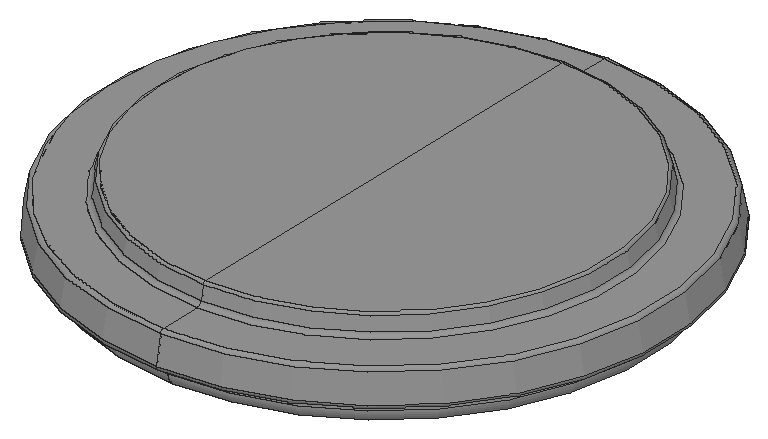
Revit family "FMK12_63_UN_Surface-mounted_ETK", category Lighting Fixtures, Revit 2017 (continued)
Definition of nested family "FMK.1 - Lightsource"
  Types (13, lengths in mm): name | Wattage Comments | Photometric Web File | built-in parameter 1150142 | Apparent Load
      557\r\n575.8245\t567.7807\t558.671\t549.5453\t540.3689\t531.5285\t520.6203\t507.6479\t495.0358\t482.4103\r\n469.7659\t456.1023\t439.9856\t424.2655\t408.544\t392.8333\t376.1554\t357.0502\t338.3348\t319.6294\r\n300.9487\t282.2854\t263.6386\t245.0208\t226.416\t229.2017\t45.4684\t0\t0\t0\r\n0\t0\t0\t0\t0\t0\r\n604.9325\t604.7632\t604.6362\t603.7203\t602.0082\t600.4147\t595.7247\t590.7676\t585.7629\t580.6861\r\n575.9058\t567.6035\t558.5877\t549.4888\t540.4293\t531.726\t520.0768\t507.5\t494.9689\t482.4273\r\n470.2375\t455.5327\t439.9057\t424.245\t408.5773\t393.285\t375.5117\t356.8122\t338.1263\t319.4596\r\n300.8082\t282.1736\t263.5683\t244.9667\t226.3809\t226.4495\t32.7256\t0\t0\t0\r\n0\t0\t0\t0\t0\t0\r\n604.9325\t604.7494\t604.6192\t603.7068\t602.0019\t600.4017\t595.6636\t590.7204\t585.7555\t580.7574\r\n576.0386\t567.5341\t558.5281\t549.5331\t540.4448\t531.678\t519.8299\t507.4404\t494.966\t482.469\r\n470.2994\t455.3393\t439.7438\t424.1484\t408.56\t393.3021\t375.2679\t356.5942\t337.9405\t319.3018\r\n300.6755\t282.0607\t263.4482\t244.854\t226.2716\t222.8477\t22.725\t0\t0\t0\r\n0\t0\t0\t0\t0\t0\r\n604.9325\t604.7357\t604.5967\t603.684\t601.9814\t600.3699\t595.5908\t590.662\t585.7282\t580.7774\r\n576.0465\t567.4397\t558.4879\t549.5241\t540.5844\t531.8864\t519.8198\t507.3101\t494.8808\t482.4693\r\n470.3215\t455.1606\t439.6097\t424.0629\t408.5175\t393.228\t374.9972\t356.3573\t337.7329\t319.1159\r\n300.506\t281.8988\t263.2952\t244.6981\t226.1219\t218.8981\t15.0099\t0\t0\t0\r\n0\t0\t0\t0\t0\t0\r\n604.9325\t604.7223\t604.5686\t603.6521\t601.9545\t600.3064\t595.5102\t590.5972\t585.6714\t580.7393\r\n575.9875\t567.2954\t558.3889\t549.4772\t540.5512\t531.8001\t519.6428\t507.2546\t494.8661\t482.4548\r\n470.231\t454.9664\t439.4613\t423.9574\t408.44\t393.1071\t374.7393\t356.1186\t337.5193\t318.9114\r\n300.3051\t281.7155\t263.1204\t244.529\t225.9498\t215.0686\t9.2037\t0\t0\t0\r\n0\t0\t0\t0\t0\t0\r\n604.9325\t604.7094\t604.4862\t603.611\t601.9186\t600.2519\t595.4135\t590.5198\t585.6158\t580.6958\r\n575.8642\t567.1097\t558.241\t549.3869\t540.4953\t531.7019\t519.4694\t507.1191\t494.7328\t482.3628\r\n470.0882\t454.7379\t439.2614\t423.776\t408.2999\t392.9255\t374.4478\t355.8537\t337.2496\t318.6474\r\n300.0597\t281.4641\t262.8684\t244.288\t225.7094\t211.6358\t4.9997\t0\t0\t0\r\n0\t0\t0\t0\t0\t0\r\n604.9325\t604.6969\t604.4556\t603.5192\t601.874\t600.1956\t595.3363\t590.449\t585.5548\t580.6541\r\n575.7996\t566.9991\t558.1327\t549.2735\t540.42\t531.6019\t519.2964\t506.9413\t494.5886\t482.2445\r\n469.9877\t454.5785\t439.0952\t423.6214\t408.1442\t392.7183\t374.1807\t355.5769\t336.9856\t318.3868\r\n299.7943\t281.203\t262.6158\t244.0278\t225.4394\t208.9068\t2.165\t0\t0\t0\r\n0\t0\t0\t0\t0\t0\r\n604.9325\t604.6847\t604.4274\t603.4735\t601.8037\t600.1361\t595.2676\t590.3811\t585.4992\t580.6088\r\n575.7401\t566.912\t558.0725\t549.2441\t540.4033\t531.587\t519.2191\t506.851\t494.4843\t482.1068\r\n469.7562\t454.3202\t438.8773\t423.4266\t407.9715\t392.5332\t373.932\t355.3289\t336.7255\t318.1135\r\n299.5116\t280.9116\t262.2998\t243.7\t225.1013\t207.0147\t0.5323\t0\t0\t0\r\n0\t0\t0\t0\t0\t0\r\n604.9325\t604.6729\t604.4014\t603.4335\t601.7575\t600.0816\t595.2071\t590.3206\t585.446\t580.5597\r\n575.685\t566.8329\t557.9807\t549.1285\t540.2764\t531.4242\t519.0431\t506.6501\t494.257\t481.8758\r\n469.4829\t454.0447\t438.6064\t423.1684\t407.7302\t392.292\t373.6789\t355.054\t336.4408\t317.8278\r\n299.2028\t280.5896\t261.9646\t243.3516\t224.7385\t206.1135\t0\t0\t0\t0\r\n0\t0\t0\t0\t0\t0\r\n604.9325\t604.6616\t604.378\t603.3995\t601.715\t600.0296\t595.1546\t590.2669\t585.4105\t580.5216\r\n575.6582\t566.7631\t557.8634\t548.9492\t540.0325\t531.1387\t518.7759\t506.3999\t494.0246\t481.6485\r\n469.2857\t453.8306\t438.3655\t422.898\t407.4405\t391.9924\t373.3723\t354.7354\t336.1017\t317.4682\r\n298.8328\t280.1999\t261.5672\t242.9339\t224.3137\t206.2036\t0.5301\t0\t0\t0\r\n0\t0\t0\t0\t0\t0\r\n604.9325\t604.6507\t604.3569\t603.3713\t601.698\t599.9887\t595.1169\t590.2224\t585.3231\t580.4075\r\n575.5369\t566.6425\t557.7033\t548.7862\t539.8612\t531.0007\t518.6409\t506.2128\t493.7948\t481.377\r\n469.0121\t453.5886\t438.1005\t422.6195\t407.1375\t391.7061\t373.1018\t354.4428\t335.7831\t317.1238\r\n298.4689\t279.8011\t261.1531\t242.4973\t223.8535\t207.2464\t2.1476\t0\t0\t0\r\n0\t0\t0\t0\t0\t0\r\n604.9325\t604.6403\t604.3383\t603.3781\t601.6534\t599.9308\t595.0598\t590.1302\t585.1637\t580.2052\r\n575.3271\t566.4956\t557.5561\t548.6172\t539.6572\t530.7955\t518.4879\t506.047\t493.6358\t481.2019\r\n468.8827\t453.4616\t437.9077\t422.358\t406.814\t391.4091\t372.8458\t354.1519\t335.4575\t316.7768\r\n298.0863\t279.3995\t260.7148\t242.0356\t223.3535\t209.1392\t4.9398\t0\t0\t0\r\n0\t0\t0\t0\t0\t0\r\n604.9325\t604.6305\t604.3542\t603.3499\t601.5992\t599.8648\t594.9909\t590.0066\t585.0197\t580.0279\r\n575.213\t566.4149\t557.4183\t548.4139\t539.4142\t530.599\t518.354\t505.8662\t493.3253\t480.7725\r\n468.4051\t453.0753\t437.5235\t421.9622\t406.3959\t391.0178\t372.5245\t353.7887\t335.0458\t316.3216\r\n297.6139\t278.9143\t260.2218\t241.5236\t222.8419\t211.7307\t9.0584\t0\t0\t0\r\n0\t0\t0\t0\t0\t0\r\n604.9325\t604.6209\t604.3361\t603.3171\t601.5361\t599.79\t594.9273\t589.9054\t584.8898\t579.8507\r\n575.019\t566.2793\t557.2303\t548.1795\t539.1485\t530.3832\t518.1958\t505.5947\t492.998\t480.4038\r\n468.0549\t452.8183\t437.1902\t421.5538\t405.9366\t390.617\t372.2595\t353.4868\t334.7152\t315.9418\r\n297.1676\t278.4178\t259.6912\t240.9653\t222.2487\t214.6609\t14.7139\t0\t0\t0\r\n0\t0\t0\t0\t0\t0\r\n604.9325\t604.6121\t604.3154\t603.2796\t601.4588\t599.7057\t594.8651\t589.8096\t584.7389\t579.6112\r\n574.75\t566.1333\t557.0381\t547.9336\t538.8114\t530.0323\t517.9997\t505.3262\t492.6666\t480.0139\r\n467.6665\t452.5996\t436.9052\t421.1918\t405.4901\t390.1168\t371.9317\t353.1249\t334.3088\t315.5017\r\n296.703\t277.9087\t259.137\t240.3756\t221.641\t217.6606\t22.1831\t0\t0\t0\r\n0\t0\t0\t0\t0\t0\r\n604.9325\t604.6037\t604.2923\t603.2379\t601.3832\t599.6112\t594.7992\t589.7156\t584.578\t579.3507\r\n574.4365\t565.9847\t556.8299\t547.6569\t538.4624\t529.6436\t517.8379\t505.1383\t492.3998\t479.655\r\n467.2301\t452.3504\t436.5478\t420.7758\t404.9991\t389.6016\t371.6468\t352.7568\t333.902\t315.0466\r\n296.2052\t277.3808\t258.5638\t239.7718\t220.9966\t220.3335\t31.8157\t0\t0\t0\r\n0\t0\t0\t0\t0\t0\r\n604.9325\t604.6264\t604.2668\t603.184\t601.3042\t599.4921\t594.7631\t589.6316\t584.4014\t579.0674\r\n574.1164\t565.8696\t556.6558\t547.4143\t538.1213\t529.2802\t518.2321\t504.9902\t492.1\t479.1502\r\n466.2748\t452.4704\t436.2345\t420.3688\t404.5102\t388.6462\t371.7795\t352.4387\t333.5044\t314.5978\r\n295.7023\t276.8281\t257.9759\t239.1444\t220.3439\t222.1659\t44.019\t0\t0\t0\r\n0\t0\t0\t0\t0\t0\r\n604.9325\t604.6175\t604.2388\t603.1377\t601.2227\t599.393\t594.7597\t589.541\t584.2109\t578.7911\r\n573.7778\t565.8354\t556.5099\t547.1431\t537.7767\t528.4261\t518.0929\t504.6371\t491.6852\t478.7549\r\n465.7705\t452.2449\t435.9539\t419.9514\t403.9894\t388.026\t371.4783\t352.1406\t333.1278\t314.1432\r\n295.1638\t276.2281\t257.3335\t238.4602\t219.6336\t222.5815\t59.2795\t0\t0\t0\r\n0\t0\t0\t0\t0\t0\r\n604.9325\t604.6083\t604.2087\t603.0905\t601.1334\t599.2948\t594.7477\t589.4485\t584.0313\t578.5186\r\n572.9709\t566.2131\t556.303\t546.8736\t537.408\t527.7959\t517.755\t504.4878\t491.4077\t478.3154\r\n465.1946\t451.8663\t435.6497\t419.562\t403.4723\t387.3853\t371.0707\t351.7829\t332.7135\t313.6759\r\n294.6564\t275.6527\t256.6917\t237.7765\t218.8904\t200.0404\t123.0458\t0\t0\t0\r\n0\t0\t0\t0\t0\t0\r\n604.9325\t604.5984\t604.1762\t603.0423\t601.0563\t599.2079\t594.7406\t589.3635\t583.8557\t578.2878\r\n572.5598\t565.9939\t556.1202\t546.5996\t536.9675\t527.333\t517.5303\t504.2723\t491.0942\t477.8523\r\n464.6219\t451.4545\t435.3539\t419.1162\t402.8873\t386.7138\t370.6427\t351.5167\t332.3327\t313.2127\r\n294.1056\t275.0485\t256.0207\t237.0535\t218.1327\t199.2528\t141.3756\t0\t0\t0\r\n0\t0\t0\t0\t0\t0\r\n604.9325\t604.5881\t604.1345\t602.9934\t600.9831\t599.0881\t595.1231\t589.2797\t583.702\t578.0092\r\n572.086\t565.7444\t556.0207\t546.3512\t536.6207\t526.7829\t517.1153\t504.1266\t490.752\t477.3913\r\n464.0075\t450.8707\t435.0141\t418.6634\t402.3572\t386.0323\t370.0481\t351.2415\t331.9591\t312.7263\r\n293.5436\t274.4063\t255.3393\t236.3172\t217.3562\t198.4472\t158.4187\t0\t0\t0\r\n0\t0\t0\t0\t0\t0\r\n604.9325\t604.5773\t604.0991\t602.9455\t600.914\t598.9484\t595.1202\t589.2174\t583.57\t577.6864\r\n571.6185\t565.5197\t555.9396\t546.1367\t536.2215\t526.2616\t516.5963\t503.9155\t490.4617\t476.9917\r\n463.3929\t449.7242\t435.1403\t418.2976\t401.8163\t385.3234\t369.2577\t350.95\t331.5721\t312.2532\r\n292.976\t273.7597\t254.6188\t235.5561\t216.5474\t197.6093\t173.3203\t0\t0\t0\r\n0\t0\t0\t0\t0\t0\r\n604.9325\t604.5662\t604.0625\t602.8947\t600.8579\t598.4107\t595.0932\t589.1837\t583.4111\t577.3865\r\n571.207\t565.2785\t555.8452\t545.8987\t535.8506\t525.6906\t515.4472\t504.2643\t490.2873\t476.512\r\n462.7778\t449.0181\t434.7872\t417.8293\t401.2088\t384.6206\t368.038\t350.9748\t331.1759\t311.7626\r\n292.4418\t273.1465\t253.9196\t234.7779\t215.7009\t196.7075\t185.101\t0\t0\t0\r\n0\t0\t0\t0\t0\t0\r\n604.9325\t604.5549\t604.0248\t602.8422\t600.8896\t598.2527\t595.0586\t589.1516\t583.2471\t577.0978\r\n570.8578\t564.8371\t555.7919\t545.6803\t535.468\t525.155\t514.7861\t504.1101\t489.9894\t476.136\r\n462.2219\t448.1506\t434.1791\t417.5062\t400.72\t383.9073\t367.1567\t350.4871\t330.8814\t311.3368\r\n291.8725\t272.4841\t253.2081\t233.9971\t214.874\t195.8381\t192.7191\t15.9245\t0\t0\r\n0\t0\t0\t0\t0\t0\r\n604.9325\t604.5433\t603.986\t602.788\t600.8165\t598.0928\t595.0063\t589.1287\t583.1052\t576.8495\r\n570.464\t563.8318\t556.1539\t545.496\t535.1406\t524.6786\t514.145\t503.5885\t489.837\t475.7861\r\n461.5507\t447.3989\t433.5293\t417.1738\t400.1728\t383.2561\t366.3482\t349.7603\t330.57\t310.9182\r\n291.3454\t271.8635\t252.4808\t233.2119\t214.0328\t194.9634\t195.026\t38.2765\t0\t0\r\n0\t0\t0\t0\t0\t0\r\n604.9325\t604.5317\t603.9462\t602.73\t600.7396\t597.9295\t594.9348\t589.1201\t582.9764\t576.6315\r\n570.0584\t563.2569\t555.9179\t545.3696\t534.8625\t524.2132\t513.4217\t502.9356\t489.7305\t475.3691\r\n461.0709\t446.6983\t432.2196\t417.1769\t399.7761\t382.6479\t365.546\t348.499\t330.6306\t310.5168\r\n290.8325\t271.2253\t251.7671\t232.4223\t213.1813\t194.0621\t175.0452\t106.4478\t0\t0\r\n0\t0\t0\t0\t0\t0\r\n604.9325\t604.5199\t603.9051\t602.6751\t600.6596\t597.7729\t594.8273\t589.1277\t582.8766\t576.4068\r\n569.6829\t562.6314\t555.6053\t545.3093\t534.5655\t523.7745\t512.7601\t501.66\t489.8704\t475.1468\r\n460.6236\t445.9779\t431.3323\t416.721\t399.3955\t382.1115\t364.7839\t347.5098\t330.1901\t310.1235\r\n290.373\t270.6834\t251.0985\t231.6345\t212.2907\t193.1322\t174.086\t133.5693\t0\t0\r\n0\t0\t0\t0\t0\t0\r\n604.9325\t604.5079\t603.8631\t602.6134\t600.5749\t597.6205\t594.6841\t589.1533\t582.7971\t576.198\r\n569.2975\t562.0743\t555.1412\t545.1747\t534.4\t523.3501\t512.1459\t500.742\t489.4278\t474.9764\r\n460.2072\t445.3919\t430.5375\t415.931\t399.1573\t381.5414\t364.0205\t346.5679\t329.4978\t309.9127\r\n289.9228\t270.0565\t250.3956\t230.8425\t211.4094\t192.1749\t173.1081\t154.025\t0\t0\r\n0\t0\t0\t0\t0\t0\r\n604.9325\t604.4961\t603.8272\t602.5488\t600.4863\t597.4731\t594.506\t589.5741\t582.7439\t576.0162\r\n568.8821\t561.5908\t554.0037\t545.51\t534.2308\t522.9763\t511.5426\t499.9542\t488.6592\t475.3061\r\n459.9308\t444.8951\t429.7989\t414.6003\t399.0359\t381.0986\t363.3904\t345.7352\t328.131\t309.8941\r\n289.5081\t269.4864\t249.6632\t230.0436\t210.573\t191.2661\t172.1269\t166.1889\t1.0816\t0\r\n0\t0\t0\t0\t0\t0\r\n604.9325\t604.4843\t603.6876\t602.4812\t600.394\t597.3304\t593.8969\t589.5576\t582.7321\t575.8654\r\n568.5536\t561.1314\t553.1982\t545.2937\t534.1132\t522.6889\t511.0381\t499.2227\t487.2464\t475.0385\r\n459.7619\t444.4779\t429.0445\t413.5582\t398.4204\t380.7318\t362.7844\t344.8834\t327.0801\t309.3293\r\n289.0741\t268.9893\t249.0266\t229.2819\t209.6976\t190.315\t171.1479\t152.1609\t24.9516\t0\r\n0\t0\t0\t0\t0\t0\r\n604.9325\t604.4729\t603.6423\t602.4109\t600.2969\t597.1958\t593.6426\t589.4592\t582.742\t575.7081\r\n568.317\t560.6659\t552.5479\t544.712\t534.4903\t522.4719\t510.5985\t498.545\t486.3296\t474.3497\r\n459.6837\t444.0747\t428.3777\t412.7844\t396.9567\t380.7411\t362.297\t344.1678\t326.043\t308.3826\r\n288.7651\t268.5059\t248.3888\t228.5046\t208.8423\t189.3996\t170.1602\t151.1308\t92.5537\t0\r\n0\t0\t0\t0\t0\t0\r\n604.9325\t604.4616\t603.597\t602.3379\t600.1979\t597.1739\t593.3818\t589.3226\t582.7813\t575.5444\r\n568.0981\t560.1654\t552.0133\t543.4448\t534.3842\t522.3157\t510.2443\t497.9469\t485.4798\t472.8858\r\n459.8258\t443.7838\t427.9923\t411.939\t395.91\t380.1029\t361.9131\t343.5007\t325.0806\t306.9089\r\n288.6458\t268.0404\t247.8084\t227.7882\t207.9796\t188.4441\t169.1623\t150.1435\t122.6663\t0\r\n0\t0\t0\t0\t0\t0\r\n604.9325\t604.4506\t603.5522\t602.2627\t600.0956\t597.0523\t593.1349\t589.1244\t583.2394\t575.4851\r\n567.9307\t559.7776\t551.4227\t542.6122\t533.9082\t522.2819\t509.9837\t497.4537\t484.7479\t471.794\r\n458.998\t443.7995\t427.5727\t411.2769\t395.0097\t378.6622\t361.8948\t342.8143\t324.3217\t305.8143\r\n287.7492\t267.7007\t247.2224\t227.0748\t207.166\t187.5405\t168.1922\t149.124\t140.1567\t0\r\n0\t0\t0\t0\t0\t0\r\n604.9325\t604.4294\t603.5077\t602.188\t599.9899\t596.9477\t592.9016\t588.8633\t583.2147\t575.5207\r\n567.7723\t559.5045\t550.8897\t541.9416\t532.6043\t522.5965\t509.811\t497.0659\t484.0541\t470.8107\r\n457.4164\t443.8914\t427.3242\t410.8155\t394.1966\t377.5624\t360.9355\t342.52\t323.6112\t304.8648\r\n286.202\t267.5492\t246.7533\t226.4008\t206.3734\t186.6561\t167.2312\t148.1077\t129.2845\t10.3334\r\n0\t0\t0\t0\t0\t0\r\n604.9325\t604.4195\t603.4641\t602.1078\t599.8841\t596.8155\t592.6872\t588.1451\t583.0235\t575.5845\r\n567.6119\t559.2557\t550.4062\t541.2976\t531.6992\t522.0661\t509.7806\t496.7878\t483.4998\t469.9516\r\n456.3571\t442.8221\t427.6855\t410.4734\t393.5939\t376.5252\t359.5309\t342.4013\t323.0592\t303.9192\r\n285.0445\t266.5724\t246.3282\t225.8347\t205.6391\t185.7617\t166.2891\t147.1457\t128.3049\t73.2475\r\n0\t0\t0\t0\t0\t0\r\n604.9325\t604.4101\t603.4214\t602.025\t599.771\t596.6739\t592.5032\t587.8231\t582.7805\t576.0783\r\n567.5599\t559.0563\t550.0333\t540.6899\t530.8794\t520.6834\t510.0048\t496.6168\t483.0748\t469.3201\r\n455.372\t441.1597\t427.0718\t410.38\t393.176\t375.718\t358.337\t341.0191\t322.5628\t303.171\r\n283.9792\t265.0216\t246.1697\t225.2875\t204.9367\t184.9616\t165.3515\t146.1494\t127.3133\t105.7337\r\n0\t0\t0\t0\t0\t0\r\n604.9325\t604.4017\t603.38\t601.9397\t599.6438\t596.5227\t592.438\t587.5329\t582.44\t576.0734\r\n567.5935\t558.9207\t549.7995\t540.1888\t530.1658\t519.7126\t509.2645\t496.9894\t482.7879\t468.8702\r\n454.5035\t440.0377\t425.3993\t410.6674\t392.8017\t375.0463\t357.3334\t339.6053\t322.0947\t302.6399\r\n283.1155\t263.9142\t244.8482\t224.8765\t204.317\t184.1413\t164.4613\t145.2101\t126.3651\t119.2436\r\n0\t0\t0\t0\t0\t0\r\n604.9325\t604.3939\t603.34\t601.8519\t599.5255\t596.3623\t592.2631\t587.2532\t581.656\t575.8791\r\n568.1003\t558.8511\t549.6123\t539.7808\t529.5521\t518.8501\t507.7503\t496.4831\t482.7274\t468.533\r\n453.9048\t439.1525\t424.1626\t408.9232\t392.9664\t374.5938\t356.5292\t338.4935\t320.5128\t302.3863\r\n282.5686\t262.8995\t243.5418\t224.4753\t203.7722\t183.4746\t163.6292\t144.2566\t125.3736\t106.9497\r\n11.7181\t0\t0\t0\t0\t0\r\n604.9325\t604.387\t603.3015\t601.7617\t599.4058\t596.1605\t592.0815\t586.9987\t581.2608\t575.4819\r\n568.0918\t558.8954\t549.4935\t539.4922\t529.0523\t518.1151\t506.7688\t494.941\t482.9397\t468.3432\r\n453.5373\t438.4736\t423.165\t407.4106\t391.8135\t374.7525\t356.0936\t337.6593\t319.275\t301.111\r\n282.2991\t262.0961\t242.4214\t223.0808\t203.3667\t182.8152\t162.8033\t143.344\t124.4124\t106.0038\r\n72.9351\t0\t0\t0\t0\t0\r\n604.9325\t604.622\t603.2538\t601.5672\t599.2847\t595.9962\t591.8852\t586.8698\t580.9017\t574.5928\r\n567.865\t559.4036\t549.4849\t539.3427\t528.6819\t517.5354\t505.9362\t493.8401\t481.5473\t468.5515\r\n453.4477\t437.9898\t422.2479\t406.2226\t390.0147\t373.9767\t355.942\t337.1648\t318.4738\t299.7784\r\n281.3581\t261.6264\t241.5101\t221.8103\t202.7012\t182.2804\t162.0885\t142.4934\t123.5155\t105.0904\r\n95.1456\t0\t0\t0\t0\t0\r\n604.9325\t604.6141\t603.2189\t601.4822\t599.1621\t595.8286\t591.6884\t586.6254\t580.5859\t574.1298\r\n567.4081\t559.3581\t549.5858\t539.309\t528.4379\t517.129\t505.2655\t492.9651\t480.2973\t467.2202\r\n453.6975\t437.7964\t421.7132\t405.3918\t388.8092\t372.1027\t355.5671\t337.0665\t317.922\t298.752\r\n279.8341\t261.0628\t240.8359\t220.8089\t201.1979\t181.9596\t161.5268\t141.7433\t122.5829\t104.1327\r\n86.3071\t0\t0\t0\t0\t0\r\n604.9325\t604.6054\t603.1866\t601.4029\t599.0383\t595.6611\t591.4846\t586.3831\t580.4101\t573.7236\r\n566.4496\t559.0016\t549.9724\t539.414\t528.3623\t516.8762\t504.7922\t492.3345\t479.3339\t466.0119\r\n452.2141\t437.9358\t421.548\t404.9834\t388.0178\t370.9093\t353.6945\t336.6775\t317.7303\t298.2286\r\n278.7536\t259.4391\t240.5161\t220.1211\t200.0968\t180.6721\t161.0151\t141.0006\t121.7686\t103.2549\r\n85.4213\t45.9781\t0\t0\t0\t0\r\n604.9325\t604.5953\t603.1572\t601.3299\t598.9131\t595.4931\t591.2773\t586.136\t580.1303\t573.4509\r\n565.956\t558.0142\t549.6285\t539.8675\t528.4659\t516.7647\t504.5384\t491.8589\t478.6369\t465.0603\r\n450.9503\t436.4023\t421.7158\t404.8189\t387.5354\t370.1777\t352.5399\t334.7641\t317.2154\t298.387\r\n278.1701\t258.4364\t238.9754\t219.7559\t199.2825\t179.3658\t160.3313\t140.4532\t120.9822\t102.383\r\n84.5438\t73.5444\t0\t0\t0\t0\r\n604.9325\t604.5842\t603.1309\t601.2628\t598.7218\t595.325\t591.0663\t585.8834\t579.8535\t573.1229\r\n565.5374\t557.4249\t548.5695\t539.5105\t528.9283\t516.8665\t504.4931\t491.5872\t478.201\t464.3372\r\n449.9781\t435.1134\t420.0866\t404.7055\t387.8436\t369.7748\t351.778\t333.5676\t315.3363\t297.026\r\n278.3487\t257.9367\t237.9282\t218.2191\t198.7991\t178.3756\t158.8354\t140.0522\t120.3754\t101.6243\r\n83.73\t66.7522\t0\t0\t0\t0\r\n604.9325\t604.5719\t603.1078\t601.203\t598.6144\t595.1881\t590.8522\t585.6299\t579.5818\t572.7997\r\n565.288\t556.9376\t547.9461\t538.3631\t528.5314\t517.2694\t505.0391\t491.5939\t478.0231\t463.9186\r\n449.2926\t434.2502\t418.8317\t402.9288\t386.7615\t370.0642\t351.5529\t332.8486\t314.2291\t29
